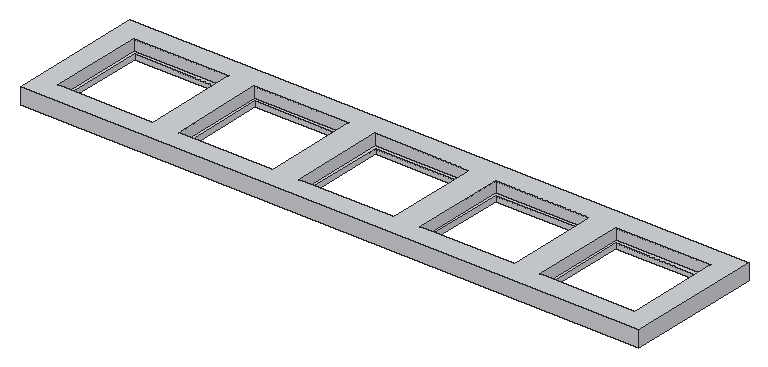
Revit family "Gira_021523", category Electrical Fixtures, host Face, Revit 2017
Family settings
  Host = Face
  Maintain Annotation Orientation = No
  Round Connector Dimension = Use Diameter
  Part Type = Normal
  Cut with Voids When Loaded = No
  Shared = No
  Room Calculation Point = No
Parameters (values of type "Abdeckrahmen 5f Gira E2 Anthrazit")
  Werkstoffgüte = "Thermoplast"
  Werkstoff = "Kunststoff"
  URL = "http://katalog.gira.de/de_DE/datenblatt.html?artikelnr=021523"
  Transparent = "No"
  Textfeld/Beschriftungsfläche = "No"
  Schutzart (IP) = "IP20"
  Region = "DE"
  Oberfläche = "sonstige"
  Name = "Abdeckrahmen 5f Gira E2 Anthrazit"
  Montagerichtung = "horizontal und vertikal"
  Mit Montagerahmen = "No"
  Mit Klappdeckel = "No"
  Manufacturer URL = "https://www.gira.de/"
  Keynote = "E2_Rahmen_5fach"
  HeinzeBIM = "https://bimportal.heinze.de/bim/abdeckrahmen-5f-gira-e2-anthrazit/d63b14872217ad70bbc2284b24aab753c0db82b2"
  Halogenfrei = "Yes"
  HAN = "021523"
  Geeignet für Unterputz-Installation = "Yes"
  Geeignet für Unterflurkanaldose = "No"
  Geeignet für Geräteeinbaukanal = "No"
  Geeignet für Einbauinstallation = "No"
  GTIN = "4010337215233"
  Farbe = "anthrazit"
  Default Elevation = 1219.2 mm
  Data sheet (1) = "https://katalog.gira.de/de_DE/download.html?artikelnr=021523"
  Category = "Abdeckrahmen"
  Befestigungsart = "Klemmbefestigung"
  Available = "Yes"
  Anzahl der Einheiten vertikal = "5 "
  Anzahl der Einheiten horizontal = "5 "
  Anzahl der Einheiten = "5 "
Reference planes
  plane 1 "Center (Front/Back)": y = 0
  plane 2: z = 0
  plane 3 "Center (Left/Right)": x = 0
Forms (mm)
  Extrusion 1, solid, detail levels fine
    sketch origin (0, 0, 0) x (1, 0, 0) y (0, 1, 0)
      loop
        line (183, 40.4) -> (-183, 40.4) -> (-183, -40.4) -> (183, -40.4) -> (183, 40.4)
      loop
        line (114.548, 28.052) -> (114.548, -28.052) -> (170.652, -28.052) -> (170.652, 28.052) -> (114.548, 28.052)
      loop
        line (43.248, 28.052) -> (43.248, -28.052) -> (99.352, -28.052) -> (99.352, 28.052) -> (43.248, 28.052)
      loop
        line (-28.052, 28.052) -> (-28.052, -28.052) -> (28.052, -28.052) -> (28.052, 28.052) -> (-28.052, 28.052)
      loop
        line (-99.352, 28.052) -> (-99.352, -28.052) -> (-43.248, -28.052) -> (-43.248, 28.052) -> (-99.352, 28.052)
      loop
        line (-170.652, 28.052) -> (-170.652, -28.052) -> (-114.548, -28.052) -> (-114.548, 28.052) -> (-170.652, 28.052)
    from 0 to 9.3
  Extrusion 2, solid, detail levels fine
    sketch origin (-142.5, 0, 0) x (1, 0, 0) y (0, 1, 0)
      loop
        line (-28.152, -28.152) -> (28.152, -28.152) -> (28.152, 28.152) -> (-28.152, 28.152) -> (-28.152, -28.152)
      loop
        line (25.9, -25.7) -> (25.9, 25.7) -> (-25.9, 25.7) -> (-25.9, -25.7) -> (25.9, -25.7)
    from 0 to 3
  Extrusion 3, solid, detail levels coarse+medium
    sketch origin (0, 0, 0) x (1, 0, 0) y (0, 1, 0)
      loop
        line (183, 40.4) -> (-183, 40.4) -> (-183, -40.4) -> (183, -40.4) -> (183, 40.4)
    from 0 to 9.3
  Extrusion 4, solid, detail levels fine
    sketch origin (0.1, -0.047, 0) x (1, 0, 0) y (0, 1, 0)
      loop
        line (-28.152, -28.106) -> (28.152, -28.106) -> (28.152, 28.199) -> (-28.152, 28.199) -> (-28.152, -28.106)
      loop
        line (25.9, -25.653) -> (25.9, 25.747) -> (-25.9, 25.747) -> (-25.9, -25.653) -> (25.9, -25.653)
    from 0 to 3
  Extrusion 5, solid, detail levels fine
    sketch origin (142.5, -0.047, 0) x (1, 0, 0) y (0, 1, 0)
      loop
        line (-27.952, -28.006) -> (28.152, -28.006) -> (28.152, 28.099) -> (-27.952, 28.099) -> (-27.952, -28.006)
      loop
        line (26, -25.653) -> (26, 25.747) -> (-25.9, 25.747) -> (-25.9, -25.653) -> (26, -25.653)
    from 0 to 3
  Extrusion 6, solid, detail levels fine
    sketch origin (71.2, -0.047, 0) x (1, 0, 0) y (0, 1, 0)
      loop
        line (-27.952, -28.006) -> (28.152, -28.006) -> (28.152, 28.099) -> (-27.952, 28.099) -> (-27.952, -28.006)
      loop
        line (26, -25.653) -> (26, 25.747) -> (-25.9, 25.747) -> (-25.9, -25.653) -> (26, -25.653)
    from 0 to 3
  Extrusion 7, solid, detail levels fine
    sketch origin (-71.2, -0.047, 0) x (1, 0, 0) y (0, 1, 0)
      loop
        line (-28.152, -28.106) -> (28.152, -28.106) -> (28.152, 28.199) -> (-28.152, 28.199) -> (-28.152, -28.106)
      loop
        line (25.9, -25.653) -> (25.9, 25.747) -> (-25.9, 25.747) -> (-25.9, -25.653) -> (25.9, -25.653)
    from 0 to 3
Dimensions and locks
  aligned and locked: plane 2 to host face
  aligned and locked: level to host face
